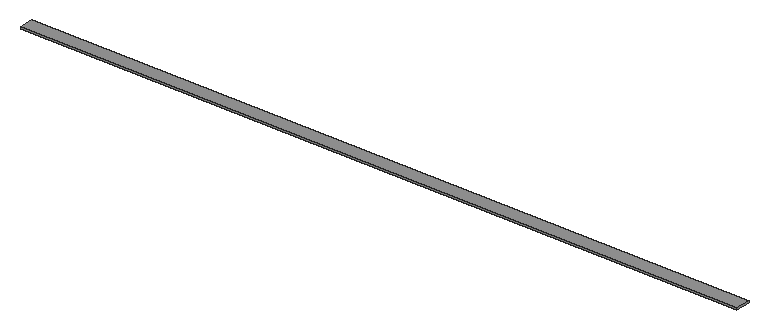
Revit family "0068114", category Lighting Fixtures, host Face, Revit 2017
Family settings
  Host = Face
  Round Connector Dimension = Use Diameter
  Part Type = Normal
  OmniClass Number = 23.80.70.00
  OmniClass Title = Lighting
  Cut with Voids When Loaded = No
  Light Source = Yes
  Shared = No
  Room Calculation Point = No
Parameters (values of type "0068114 START FLEX IP20 830 10750LM - 500 mm")
  Width_SYL = if(IP20HO_SYL, 10 mm, if(IP65_SYL, 12 mm, if(IP65HO_SYL, 10 mm, if(IP67_SYL, 10 mm, if(IP20RGB_SYL, 8 mm, if(IP20RGBW_SYL, 12 mm, if(IP67RGB_SYL, 12 mm, if(IP67RGBW_SYL, 14 mm, 8 mm))))))))  # 10 mm
  Weight = "2.0 kg"
  Wattage Comments = ""
  Wattage = 82.5 W
  WarrantyStartDate [instance] = "n/a"
  WarrantyGuarantorParts = "n/a"
  WarrantyDurationUnit = "n/a"
  WarrantyDurationParts = "n/a"
  WarrantyDescription = "n/a"
  built-in parameter 1150110 = 1 (stored number, unit not read)
  Voltage = 24 V
  URL = "http://www.sylvania-lighting.com"
  TypeName = "START FLEX IP20 830 10750LM - 500 mm"
  Type Image = <None>
  Type Comments = "n/a"
  built-in parameter 1114217 = 1 (stored number, unit not read)
  Tilt Angle = -90.00°
  built-in parameter 1150109 = 1 (stored number, unit not read)
  built-in parameter 1150134 = (empty or 0)
  built-in parameter 1150113 = 1 (stored number, unit not read)
  StartCapWidth_SYL = if(IP20HO_SYL, 2 mm, if(IP65_SYL, 14 mm, if(IP65HO_SYL, 12 mm, if(IP67_SYL, 17.5 mm, if(IP20RGB_SYL, 2 mm, if(IP20RGBW_SYL, 2 mm, if(IP67RGB_SYL, 14 mm, if(IP67RGBW_SYL, 16 mm, 2 mm))))))))  # 2 mm
  StartCapVisible_SYL [instance] = no
  StartCapLength_SYL = if(IP20HO_SYL, 2 mm, if(IP65_SYL, 10 mm, if(IP65HO_SYL, 15 mm, if(IP67_SYL, 35 mm, if(IP20RGB_SYL, 2 mm, if(IP20RGBW_SYL, 2 mm, if(IP67RGB_SYL, 12 mm, if(IP67RGBW_SYL, 12 mm, 2 mm))))))))  # 2 mm
  StartCapHeight_SYL = if(IP20HO_SYL, 2 mm, if(IP65_SYL, 6 mm, if(IP65HO_SYL, 6 mm, if(IP67_SYL, 9.5 mm, if(IP20RGB_SYL, 2 mm, if(IP20RGBW_SYL, 2 mm, if(IP67RGB_SYL, 7 mm, if(IP67RGBW_SYL, 7 mm, 2 mm))))))))  # 2 mm
  SerialNumber [instance] = "n/a"
  SealingVisibility_SYL = no
  IP67_SYL = no
  IP67RGB_SYL = no
  IP67RGBW_SYL = no
  IP65_SYL = no
  IP65HO_SYL = no
  IP20RGB_SYL = no
  IP20RGBW_SYL = no
  IP20HO_SYL = yes
  HeightWithSealing_SYL = if(IP20HO_SYL, 2 mm, if(IP65_SYL, 4 mm, if(IP65HO_SYL, 4 mm, if(IP67_SYL, 6 mm, if(IP20RGB_SYL, 2 mm, if(IP20RGBW_SYL, 2 mm, if(IP67RGB_SYL, 5 mm, if(IP67RGBW_SYL, 5 mm, 2 mm))))))))  # 2 mm
  Photometric Web File = "0068114.ies"
  Material_3_SYL = ABS Plastic
  PowerFactor = 0
  PowerConsumption = "82.5 W"
  NominalLength = 5000 mm
  NominalHeight = 1.2 mm
  NominalDepth = 10 mm
  Name = "START FLEX IP20 830 10750LM - 500 mm"
  ModelReference = Name  # "START FLEX IP20 830 10750LM - 500 mm"
  ModelNumber = "0068114"
  Model = Name  # "START FLEX IP20 830 10750LM - 500 mm"
  Material = "none diffuser"
  ManufacturerName = "Feilo Sylvania"
  Manufacturer = "Feilo Sylvania"
  LuminousEfficacy = "130 lm/W"
  built-in parameter 1150105 = 3653.6 (stored number, unit not read)
  Lumens = 10725 lm
  LuminaireType = ""
  built-in parameter 1150115 = 1 (stored number, unit not read)
  LightOutputRatio = "n/a"
  built-in parameter 1150137 = (empty or 0)
  built-in parameter 1150139 = (empty or 0)
  Length_SYL = 500 mm
  LampsType = Lamp  # "LED"
  LampNominalLuminous = "10750 lm"
  LampMacAdamStep = "3"
  LampColourTemperature = "3000 K"
  LampColourRenderingIndex = "80"
  built-in parameter 1150112 = 1 (stored number, unit not read)
  built-in parameter 1150114 = 1 (stored number, unit not read)
  Lamp = "LED"
  Keynote = "16500"
  InstallationDate [instance] = "n/a"
  InputVoltage = "24V DC"
  InputNominalFrequency = "n/a"
  built-in parameter 1150132 = (empty or 0)
  built-in parameter 1150102 = (empty or 0)
  built-in parameter 1150107 = 3000 (stored number, unit not read)
  built-in parameter 1150138 = (empty or 0)
  IngressProtection = "IP20"
  ImpactProtectionIndex = "IK00"
  built-in parameter 1150106 = 36.536 (stored number, unit not read)
  IfcExportType = "IfcLightFixtureType"
  IfcExportAs = "IfcLightFixtureType"
  EndCapWidth_SYL = if(IP20HO_SYL, 2 mm, if(IP65_SYL, 14 mm, if(IP65HO_SYL, 12 mm, if(IP67_SYL, 17.5 mm, if(IP20RGB_SYL, 2 mm, if(IP20RGBW_SYL, 2 mm, if(IP67RGB_SYL, 14 mm, if(IP67RGBW_SYL, 16 mm, 2 mm))))))))  # 2 mm
  EndCapVisible_SYL [instance] = no
  EndCapLength_SYL = if(IP20HO_SYL, 2 mm, if(IP65_SYL, 10 mm, if(IP65HO_SYL, 10 mm, if(IP67_SYL, 15 mm, if(IP20RGB_SYL, 2 mm, if(IP20RGBW_SYL, 2 mm, if(IP67RGB_SYL, 10 mm, if(IP67RGBW_SYL, 10 mm, 2 mm))))))))  # 2 mm
  EndCapHeight_SYL = if(IP20HO_SYL, 2 mm, if(IP65_SYL, 6 mm, if(IP65HO_SYL, 6 mm, if(IP67_SYL, 9.5 mm, if(IP20RGB_SYL, 2 mm, if(IP20RGBW_SYL, 2 mm, if(IP67RGB_SYL, 7 mm, if(IP67RGBW_SYL, 7 mm, 2 mm))))))))  # 2 mm
  EmitSurfaceOffset_SYL = 1 mm  # constant formula
  EmitSurfaceHeight_SYL = if(IP20HO_SYL, 1.2 mm, if(IP65_SYL, 4 mm, if(IP65HO_SYL, 4 mm, if(IP67_SYL, 6 mm, if(IP20RGB_SYL, 1.2 mm, if(IP20RGBW_SYL, 1.2 mm, if(IP67RGB_SYL, 5 mm, if(IP67RGBW_SYL, 5 mm, 1.2 mm))))))))  # 1.2 mm
  Emit from Rectangle Width = if(IP20HO_SYL, 3.5 mm, if(IP65_SYL, 12 mm, if(IP65HO_SYL, 10 mm, if(IP67_SYL, 10 mm, if(IP20RGB_SYL, 5 mm, if(IP20RGBW_SYL, 5 mm, if(IP67RGB_SYL, 12 mm, if(IP67RGBW_SYL, 14 mm, 3.5 mm))))))))  # 3.5 mm
  Emit from Rectangle Length = Length_SYL - 2 * EmitSurfaceOffset_SYL  # 498 mm
  Emit Shape Visible in Rendering = no
  ElectricShockClassification = "Class III"
  built-in parameter 1150104 = 12.077 (stored number, unit not read)
  DocumentationLiterature = "http://www.sylvania-lighting.com/product/en-int/products/0068114"
  DimmingControlOptions = "n/a"
  Material_2_SYL = LED
  Dimming Lamp Color Temperature Shift = <None>
  Description = "5 metre IP20 LED reel with pre-attached 3M adhesive type;  equipped with 420 LEDs; 10750lm per 5m (2150lm per 1m); 24V; 3000K; CRI80; SDCM <3; 50000 hrs (L70). Needs to be used with any aluminium profile for cooling LED chips purpose and therefore assuring longer lifetime ( Profile HO Surface 16 0022604 can be used)"
  Default Elevation = 1219.2 mm
  CreatedOn = "9/11/2019"
  CreatedBy = "@sylvania-lighting.com"
  Cost = 0
  Color Filter = 16777215
  built-in parameter 1114216 [instance] = (empty or 0)
  ClassificationValue = "EF_70_80"
  ClassificationName = "Uniclass2015"
  Material_1_SYL = Aluminum
  BarCode [instance] = "n/a"
  built-in parameter 1114218 = 1 (stored number, unit not read)
  built-in parameter 1150133 = 10 (stored number, unit not read)
  AssetType = "Fixed"
  AssetIdentifier [instance] = "n/a"
  Assembly Code = "D5020200"
  Apparent Load = 82.5 VA
  Material_4_SYL = Polycarbonate, Clear
Types (4, lengths in mm): name | TypeName | StartCapVisible_SYL | Name | ModelReference | Model | Length_SYL | EndCapVisible_SYL | Emit from Rectangle Length
  0068114 START FLEX IP20 830 10750LM - 500 mm | "START FLEX IP20 830 10750LM - 500 mm" | no | "START FLEX IP20 830 10750LM - 500 mm" | "START FLEX IP20 830 10750LM - 500 mm" | "START FLEX IP20 830 10750LM - 500 mm" | 500 | no | 498
  0068114 START FLEX IP20 830 10750LM - 100 mm | "START FLEX IP20 830 10750LM - 100 mm" | no | "START FLEX IP20 830 10750LM - 100 mm" | "START FLEX IP20 830 10750LM - 100 mm" | "START FLEX IP20 830 10750LM - 100 mm" | 100 | no | 98
  0068114 START FLEX IP20 830 10750LM - 50 mm | "START FLEX IP20 830 10750LM - 50 mm" | yes | "START FLEX IP20 830 10750LM - 50 mm" | "START FLEX IP20 830 10750LM - 50 mm" | "START FLEX IP20 830 10750LM - 50 mm" | 50 | yes | 48
  0068114 START FLEX IP20 830 10750LM - 10 mm | "START FLEX IP20 830 10750LM - 10 mm" | yes | "START FLEX IP20 830 10750LM - 10 mm" | "START FLEX IP20 830 10750LM - 10 mm" | "START FLEX IP20 830 10750LM - 10 mm" | 10 | yes | 8
Reference planes
  plane 1 "Center (Front/Back)": y = 0
  plane 2: z = 0
  plane 3 "Center (Left/Right)": x = 0
  plane 4: y = 5
  plane 5: y = -5
  plane 6: z = 1.2
  plane 7: x = 500
  plane 8: x = 250
  plane 9: x = 1
  plane 10: x = 499
  plane 11: y = 1.8
  plane 12: y = -1.8
  plane 13: y = 1
  plane 14: y = -1
  plane 15: x = -2
  plane 16: x = 502
  plane 17: y = 1
  plane 18: y = -1
  plane 19: z = 1.2
  plane 20: z = 2
  plane 21: z = 0.6
  plane 22: z = -0.4
  plane 23: z = 1.6
  plane 24: z = 1.6
  plane 25: z = -0.4
Forms (mm)
  Extrusion 1, solid, material "Aluminum" <- "Material_1_SYL"
    sketch origin (0, 0, 0) x (0, 1, 0) y (0, 0, 1)
      loop
        line (-5, 1.2) -> (-5, 0) -> (5, 0) -> (5, 1.2) -> (-5, 1.2)
    from 0 to 500
  Extrusion 2, solid, material "Polycarbonate, Clear" <- "Material_4_SYL", visible <- "SealingVisibility_SYL"
    sketch origin (0, 0, 0) x (0, 1, 0) y (0, 0, 1)
      loop
        line (-5, 1.2) -> (5, 1.2) -> (5, 2) -> (-5, 2) -> (-5, 1.2)
    from 0 to 500
  Extrusion 3, solid, visible <- "StartCapVisible_SYL"
    sketch origin (0, 0, 0) x (0, 1, 0) y (0, 0, 1)
      loop
        line (-1, -0.4) -> (1, -0.4) -> (1, 1.6) -> (-1, 1.6) -> (-1, -0.4)
    from 0 to -2
  Extrusion 4, solid, visible <- "EndCapVisible_SYL"
    sketch origin (500, 1524, 1219.2) x (0, 1, 0) y (0, 0, 1)
      loop
        line (-1523, -1219.6) -> (-1523, -1217.6) -> (-1525, -1217.6) -> (-1525, -1219.6) -> (-1523, -1219.6)
    from 0 to 2
Lines and regions (mm)
  Split face 1
    outline origin (0, -5, 1.2) x (0, 1, 0) y (-1, 0, 0)
      loop
        line (6.8, -1) -> (3.2, -1) -> (3.2, -499) -> (6.8, -499) -> (6.8, -1)
  reference lines
    curve 1: line (1, 1.8, 0) -> (499, 1.8, 0)
    curve 2: line (1, -1.8, 0) -> (1, 1.8, 0)
    curve 3: line (499, -1.8, 0) -> (1, -1.8, 0)
    curve 4: line (499, 1.8, 0) -> (499, -1.8, 0)
Dimensions and locks
  equal spacing: plane 5, plane 1 "Center (Front/Back)", plane 4
  "Width_SYL": plane 5 to plane 4
  "Length_SYL": plane 3 "Center (Left/Right)" to plane 7
  "EmitSurfaceOffset_SYL": plane 3 "Center (Left/Right)" to plane 9
  equal spacing: plane 9, plane 8, plane 10
  "EmitSurfaceOffset_SYL": plane 10 to plane 7
  equal spacing: plane 12, plane 1 "Center (Front/Back)", plane 11
  locked: plane 12 to plane 11 at 3.6
  equal spacing: plane 14, plane 1 "Center (Front/Back)", plane 13
  "StartCapWidth_SYL": plane 14 to plane 13
  "StartCapLength_SYL": plane 15 to plane 3 "Center (Left/Right)"
  equal spacing: plane 18, plane 1 "Center (Front/Back)", plane 17
  "EndCapWidth_SYL": plane 18 to plane 17
  "EndCapLength_SYL": plane 7 to plane 16
  "EmitSurfaceHeight_SYL": plane 19 to plane 2
  "HeightWithSealing_SYL": host face to plane 20
  equal spacing: plane 2, plane 21, plane 19
  equal spacing: plane 22, plane 21, plane 23
  "EndCapHeight_SYL": plane 22 to plane 23
  equal spacing: plane 25, plane 21, plane 24
  "StartCapHeight_SYL": plane 25 to plane 24
  aligned and locked: plane 2 to host face
  aligned and locked: level to host face
  aligned and locked: plane 6 to Extrusion 1 sketch curve
  aligned and locked: Extrusion 1 sketch curve to plane 5
  aligned and locked: level to Extrusion 1 sketch curve
  aligned and locked: plane 4 to Extrusion 1 sketch curve
  aligned and locked: plane 7 to Extrusion 1
  aligned and locked: imposter light to plane 1 "Center (Front/Back)"
  aligned and locked: plane 8 to imposter light
  aligned and locked: plane 11 to curve 1
  aligned and locked: plane 9 to curve 2
  aligned and locked: curve 3 to plane 12
  aligned and locked: curve 4 to plane 10
  aligned and locked: Split face 1 sketch curve to curve 1
  aligned and locked: Split face 1 sketch curve to curve 4
  aligned and locked: Split face 1 sketch curve to curve 3
  aligned and locked: Split face 1 sketch curve to curve 2
  aligned and locked: imposter light to plane 19
  aligned and locked: Extrusion 2 sketch curve to Extrusion 1  (x2)
  aligned and locked: Extrusion 2 sketch curve to plane 20
  aligned and locked: Extrusion 2 sketch curve to plane 4
  aligned and locked: Extrusion 2 to plane 3 "Center (Left/Right)"
  aligned and locked: plane 7 to Extrusion 2
  aligned and locked: plane 22 to Extrusion 3 sketch curve
  aligned and locked: plane 14 to Extrusion 3 sketch curve
  aligned and locked: Extrusion 3 sketch curve to plane 23
  aligned and locked: Extrusion 3 sketch curve to plane 13
  aligned and locked: Extrusion 3 to plane 15
  aligned and locked: plane 3 "Center (Left/Right)" to Extrusion 3
  aligned and locked: plane 13 to Extrusion 4 sketch curve
  aligned and locked: plane 23 to Extrusion 4 sketch curve
  aligned and locked: Extrusion 4 sketch curve to plane 18
  aligned and locked: Extrusion 4 sketch curve to plane 25
  aligned and locked: plane 16 to Extrusion 4
  aligned and locked: Extrusion 4 to plane 7
Automatic sketch dimensions
  host sketch curve to host sketch curve = 600 mm
  host sketch curve to host sketch curve = 100 mm
Connectors
  electrical at (0, 0, 0.6), driven by "Voltage", driven by "Apparent Load", driven by "PowerFactor"
    settings: on Extrusion 1, index 1, voltage 24 V, apparent load 82.5 VA, apparent load phase1 0 VA, apparent load phase2 0 VA, apparent load phase3 0 VA, power factor 0, load classification "Other", number of poles 1, system type 30, power factor state 1, is connector primary yes, connector utility no, sub classification motor no, connector description ""
